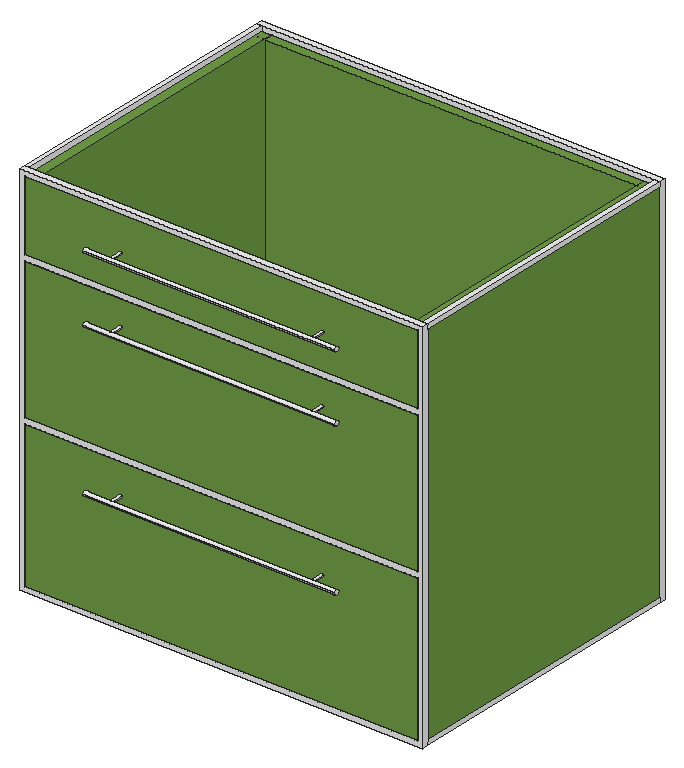
Revit family
Parameters (values of type "1000mm")
  Cabinet Material = Cabinets - Handles
  Depth = 0.60 m
  Door/Drawer Material = PANEL
  Handle Material = Cabinets - Handles
  Height = 0.86 m
  Plinth Depth = 0.035 m
  Plinth Height = 0.10 m
  Width = 1.00 m
  Assembly Code = ""
Types (4, lengths in m): name | Cabinet Material | Depth | Door/Drawer Material | Height | Plinth Depth | Width
  600mm | none | 0.60 | none | 0.85 | 0.03 | 1.21
  1000mm | Cabinets - Handles | 0.60 | PANEL | 0.86 | 0.035 | 1.00
  cocina2 | none | 0.50 | none | 0.85 | 0.03 | 0.60
  cocina1 | none | 0.50 | none | 0.85 | 0.03 | 1.00
Reference planes (m)
  plane 1: z = 0
  plane 2 "Left": x = -0.481262
  plane 3 "Right": x = 0.318738
  plane 4 "Front": y = -0.6
  plane 5 "Top": z = 0.85
  plane 6: y = -0.565
  plane 7: z = 0.1
  plane 8: z = 0.11905
  plane 9: x = -0.081262
Forms (m)
  Extrusion 1, solid, material "Cabinets - Handles"
    sketch origin (0, 0, 0.1) x (1, 0, 0) y (0, 1, 0)
      loop
        line (-0.471262, -0.0404) -> (-0.471262, -0.615) -> (0.308738, -0.615) -> (0.308738, -0.0404) -> (-0.471262, -0.0404)
    from 0 to 0.01
  Extrusion 2, solid, material "Cabinets - Handles" <- "Handle Material"
    sketch origin (-0.01905, -0.615, 0.215) x (1, 0, 0) y (0, 0, 1)
      loop
        line (-0.452212, 0.485) -> (0.327788, 0.485) -> (0.327788, 0.625) -> (-0.452212, 0.625) -> (-0.452212, 0.485)
      loop
        line (-0.462212, -0.115) -> (0.337788, -0.115) -> (0.337788, 0.635) -> (-0.462212, 0.635) -> (-0.462212, -0.115)
      loop
        line (-0.452212, -0.105) -> (0.327788, -0.105) -> (0.327788, 0.185) -> (-0.452212, 0.185) -> (-0.452212, -0.105)
      loop
        line (0.327788, 0.475) -> (-0.452212, 0.475) -> (-0.452212, 0.195) -> (0.327788, 0.195) -> (0.327788, 0.475)
    from 0 to 0.0127
  Extrusion 3, solid, material "PANEL" <- "Door/Drawer Material"
    sketch origin (-0.01905, -0.615, 0.315) x (1, 0, 0) y (0, 0, 1)
      loop
        line (-0.452212, 0.375) -> (-0.452212, 0.095) -> (0.327788, 0.095) -> (0.327788, 0.375) -> (-0.452212, 0.375)
    from 0 to 0.0127
  Extrusion 4, solid, material "PANEL" <- "Door/Drawer Material"
    sketch origin (-0.01905, -0.615, 0) x (1, 0, 0) y (0, 0, 1)
      loop
        line (-0.452212, 0.4) -> (-0.452212, 0.11) -> (0.327788, 0.11) -> (0.327788, 0.4) -> (-0.452212, 0.4)
    from 0 to 0.0127
  Sweep 5, solid, material "Cabinets - Handles" <- "Handle Material"
    path origin (0, 0, 0) x (1, 0, 0) y (0, 1, 0)
      loop
        line (-0.33006, -0.655502) -> (0.16994, -0.655502)
    profile origin (-0.08006, -0.655502, 0) x (0, 1, 0) y (0, 0, 1)
      loop
        circle (0, 0.3375) r 0.004
  Sweep 6, solid, material "Cabinets - Handles"
    path origin (-0.735562, -0.620441, 0) x (0, 1, 0) y (-1, 0, 0)
      loop
        line (-0.032259, -0.454299) -> (-0.007259, -0.454299)
    profile origin (-0.281262, -0.6402, 0) x (-1, 0, 0) y (0, 0, 1)
      loop
        circle (0, 0.3375) r 0.0025
  Sweep 7, solid, material "Cabinets - Handles"
    path origin (0.573037, -0.620441, 0) x (0, 1, 0) y (1, 0, 0)
      loop
        line (-0.032259, -0.454299) -> (-0.007259, -0.454299)
    profile origin (0.118738, -0.6402, 0) x (-1, 0, 0) y (0, 0, 1)
      loop
        circle (0, 0.3375) r 0.0025
  Sweep 8, solid, material "Cabinets - Handles" <- "Handle Material"
    path origin (0, 0, 0.3) x (1, 0, 0) y (0, 1, 0)
      loop
        line (-0.33006, -0.655502) -> (0.16994, -0.655502)
    profile origin (-0.08006, -0.655502, 0.3) x (0, 1, 0) y (0, 0, 1)
      loop
        circle (0, 0.3375) r 0.004
  Sweep 9, solid, material "Cabinets - Handles"
    path origin (-0.735562, -0.620441, 0.3) x (0, 1, 0) y (-1, 0, 0)
      loop
        line (-0.032259, -0.454299) -> (-0.007259, -0.454299)
    profile origin (-0.281262, -0.6402, 0.3) x (-1, 0, 0) y (0, 0, 1)
      loop
        circle (0, 0.3375) r 0.0025
  Sweep 10, solid, material "Cabinets - Handles"
    path origin (0.573037, -0.620441, 0.3) x (0, 1, 0) y (1, 0, 0)
      loop
        line (-0.032259, -0.454299) -> (-0.007259, -0.454299)
    profile origin (0.118738, -0.6402, 0.3) x (-1, 0, 0) y (0, 0, 1)
      loop
        circle (0, 0.3375) r 0.0025
  Extrusion 11, solid, material "PANEL" <- "Door/Drawer Material"
    sketch origin (-0.01905, -0.615, 0.605) x (1, 0, 0) y (0, 0, 1)
      loop
        line (-0.452212, 0.235) -> (-0.452212, 0.095) -> (0.327788, 0.095) -> (0.327788, 0.235) -> (-0.452212, 0.235)
    from 0 to 0.0127
  Sweep 12, solid, material "Cabinets - Handles" <- "Handle Material"
    path origin (0, 0, 0.4325) x (1, 0, 0) y (0, 1, 0)
      loop
        line (-0.33006, -0.655502) -> (0.16994, -0.655502)
    profile origin (-0.08006, -0.655502, 0.4325) x (0, 1, 0) y (0, 0, 1)
      loop
        circle (0, 0.3375) r 0.004
  Sweep 13, solid, material "Cabinets - Handles"
    path origin (-0.735562, -0.620441, 0.4325) x (0, 1, 0) y (-1, 0, 0)
      loop
        line (-0.032259, -0.454299) -> (-0.007259, -0.454299)
    profile origin (-0.281262, -0.6402, 0.4325) x (-1, 0, 0) y (0, 0, 1)
      loop
        circle (0, 0.3375) r 0.0025
  Sweep 14, solid, material "Cabinets - Handles"
    path origin (0.573037, -0.620441, 0.4325) x (0, 1, 0) y (1, 0, 0)
      loop
        line (-0.032259, -0.454299) -> (-0.007259, -0.454299)
    profile origin (0.118738, -0.6402, 0.4325) x (-1, 0, 0) y (0, 0, 1)
      loop
        circle (0, 0.3375) r 0.0025
  Extrusion 15, solid, material "Cabinets - Handles" <- "Handle Material"
    sketch origin (-0.01905, -0.335, 0.215) x (1, 0, 0) y (0, 0, 1)
      loop
        line (0.327788, 0.635) -> (0.327788, 0.625) -> (0.337788, 0.625) -> (0.337788, 0.635) -> (0.327788, 0.635)
      loop
        line (0.327788, -0.105) -> (0.327788, -0.115) -> (0.337788, -0.115) -> (0.337788, -0.105) -> (0.327788, -0.105)
    from -0.2946 to 0.28
  Extrusion 16, solid, material "Cabinets - Handles" <- "Handle Material"
    sketch origin (-0.01905, -0.0277, 0.215) x (1, 0, 0) y (0, 0, 1)
      loop
        line (-0.462212, -0.115) -> (0.337788, -0.115) -> (0.337788, 0.635) -> (-0.462212, 0.635) -> (-0.462212, -0.115)
      loop
        line (-0.452212, -0.105) -> (0.327788, -0.105) -> (0.327788, 0.625) -> (-0.452212, 0.625) -> (-0.452212, -0.105)
    from 0 to 0.0127
  Extrusion 17, solid, material "Cabinets - Handles" <- "Handle Material"
    sketch origin (-0.80905, -0.335, 0.215) x (1, 0, 0) y (0, 0, 1)
      loop
        line (0.327788, 0.635) -> (0.327788, 0.625) -> (0.337788, 0.625) -> (0.337788, 0.635) -> (0.327788, 0.635)
      loop
        line (0.327788, -0.105) -> (0.327788, -0.115) -> (0.337788, -0.115) -> (0.337788, -0.105) -> (0.327788, -0.105)
    from -0.2946 to 0.28
  Extrusion 18, solid, material "PANEL" <- "Door/Drawer Material"
    sketch origin (-0.01905, -0.105, 0) x (1, 0, 0) y (0, 0, 1)
      loop
        line (-0.452212, 0.84) -> (-0.452212, 0.11) -> (0.327788, 0.11) -> (0.327788, 0.84) -> (-0.452212, 0.84)
    from -0.0773 to -0.0473
  Extrusion 19, solid, material "PANEL" <- "Door/Drawer Material"
    sketch origin (0.241438, -0.267612, 0) x (0, -1, 0) y (0, 0, 1)
      loop
        line (-0.227212, 0.84) -> (-0.227212, 0.11) -> (0.347388, 0.11) -> (0.347388, 0.84) -> (-0.227212, 0.84)
    from -0.0773 to -0.0473
  Extrusion 20, solid, material "PANEL" <- "Door/Drawer Material"
    sketch origin (-0.403962, -0.267612, 0) x (0, -1, 0) y (0, 0, -1)
      loop
        line (-0.227212, -0.84) -> (0.347388, -0.84) -> (0.347388, -0.11) -> (-0.227212, -0.11) -> (-0.227212, -0.84)
    from -0.0773 to -0.0473
Lines and regions (m)
  Masking region 1
    outline origin (0, 0, 0) x (1, 0, 0) y (0, 1, 0)
      loop
        line (-0.481262, -0.0277) -> (-0.481262, -0.6) -> (0.318738, -0.6) -> (0.318738, -0.0277) -> (-0.481262, -0.0277)
  symbolic lines, style "Elevation Swing"
    curve 1: line (0.009213, 0, 0.7103) -> (-0.462212, 0, 0.419675)
    curve 2: line (-0.462212, 0, 0.419675) -> (0.009213, 0, 0.11905)
    curve 3: line (0.028263, 0, 0.11905) -> (0.299688, 0, 0.419675)
    curve 4: line (0.299688, 0, 0.419675) -> (0.028263, 0, 0.7103)
Dimensions and locks (m)
  level to plane 5 "Top" = 0.85 m
  "Plinth Height": plane 1 to plane 7
  "Plinth Depth": plane 4 "Front" to plane 6
  locked: plane 8 to plane 7 at 0.01905
  aligned and locked: plane 2 "Left" to Masking region 1 sketch curve
  aligned and locked: Masking region 1 sketch curve to plane 3 "Right"
  aligned and locked: Masking region 1 sketch curve to plane 4 "Front"
Automatic sketch dimensions
  curve 3 to plane 8 = 0.00 m
  curve 2 to plane 8 = 0.00 m
  curve 4 to plane 3 "Right" = 0.01905 m
  plane 9 to curve 3 = 0.109525 m
  plane 9 to curve 4 = 0.109525 m
  curve 3 to curve 2 = 0.01905 m
  curve 4 to curve 1 = 0.01905 m
  plane 2 "Left" to curve 2 = 0.01905 m
  curve 1 to plane 8 = 0.300625 m
  curve 3 to plane 8 = 0.300625 m
  plane 5 "Top" to curve 1 = 0.1397 m
  curve 4 to curve 1 = 0.00 m
  Masking region 1 sketch curve to plane 6 = 0.5373 m
  plane 2 "Left" to Extrusion 1 sketch curve = 0.01 m
  Extrusion 1 sketch curve to plane 3 "Right" = 0.01 m
  plane 4 "Front" to Extrusion 1 sketch curve = 0.015 m
  Extrusion 1 sketch curve to plane 6 = 0.5246 m
  Extrusion 2 sketch curve to plane 2 "Left" = 0.00 m
  Extrusion 2 sketch curve to plane 3 "Right" = 0.00 m
  Extrusion 2 sketch curve to plane 7 = 0.00 m
  Extrusion 2 sketch curve to plane 5 "Top" = 0.00 m
  plane 2 "Left" to Extrusion 2 sketch curve = 0.01 m  (x3)
  Extrusion 2 sketch curve to plane 3 "Right" = 0.01 m
  Extrusion 2 sketch curve to Extrusion 2 sketch curve = 0.00 m  (x2)
  plane 8 to Extrusion 2 sketch curve = 0.00905 m
  Extrusion 2 sketch curve to plane 8 = 0.28095 m
  Extrusion 2 sketch curve to Extrusion 2 sketch curve = 0.01 m  (x2)
  plane 5 "Top" to Extrusion 2 sketch curve = 0.16 m
  plane 5 "Top" to Extrusion 2 sketch curve = 0.01 m
  plane 2 "Left" to Extrusion 3 sketch curve = 0.01 m
  Extrusion 3 sketch curve to plane 3 "Right" = 0.01 m
  Extrusion 3 sketch curve to plane 8 = 0.29095 m
  plane 5 "Top" to Extrusion 3 sketch curve = 0.16 m
  plane 2 "Left" to Extrusion 4 sketch curve = 0.01 m
  Extrusion 4 sketch curve to plane 3 "Right" = 0.01 m
  plane 8 to Extrusion 4 sketch curve = 0.00905 m
  Extrusion 4 sketch curve to plane 8 = 0.28095 m
  plane 4 "Front" to Sweep 5 sketch curve = 0.055502 m
  plane 2 "Left" to Sweep 5 sketch curve = 0.151202 m
  Sweep 5 sketch curve to plane 3 "Right" = 0.148798 m
  Sweep 5 sketch curve to profile plane = 0.00 m
  level to Sweep 5 sketch curve = 0.3375 m
  plane 4 "Front" to Sweep 6 sketch curve = 0.0527 m
  Sweep 6 sketch curve to Sweep 6 sketch curve = 0.025 m
  plane 2 "Left" to Sweep 6 sketch curve = 0.20 m
  Sweep 6 sketch curve to profile plane = 0.00 m
  level to Sweep 6 sketch curve = 0.3375 m
  Sweep 7 sketch curve to plane 4 "Front" = 0.0527 m
  Sweep 7 sketch curve to Sweep 7 sketch curve = 0.025 m
  plane 3 "Right" to Sweep 7 sketch curve = 0.20 m
  Sweep 7 sketch curve to profile plane = 0.00 m
  level to Sweep 7 sketch curve = 0.3375 m
  plane 4 "Front" to Sweep 8 sketch curve = 0.055502 m
  plane 2 "Left" to Sweep 8 sketch curve = 0.151202 m
  Sweep 8 sketch curve to plane 3 "Right" = 0.148798 m
  Sweep 8 sketch curve to profile plane = 0.00 m
  profile plane to Sweep 8 sketch curve = 0.3375 m
  plane 4 "Front" to Sweep 9 sketch curve = 0.0527 m
  Sweep 9 sketch curve to Sweep 9 sketch curve = 0.025 m
  plane 2 "Left" to Sweep 9 sketch curve = 0.20 m
  Sweep 9 sketch curve to profile plane = 0.00 m
  profile plane to Sweep 9 sketch curve = 0.3375 m
  Sweep 10 sketch curve to plane 4 "Front" = 0.0527 m
  Sweep 10 sketch curve to Sweep 10 sketch curve = 0.025 m
  plane 3 "Right" to Sweep 10 sketch curve = 0.20 m
  Sweep 10 sketch curve to profile plane = 0.00 m
  profile plane to Sweep 10 sketch curve = 0.3375 m
  plane 2 "Left" to Extrusion 11 sketch curve = 0.01 m
  Extrusion 11 sketch curve to plane 3 "Right" = 0.01 m
  plane 5 "Top" to Extrusion 11 sketch curve = 0.15 m
  plane 5 "Top" to Extrusion 11 sketch curve = 0.01 m
  plane 4 "Front" to Sweep 12 sketch curve = 0.055502 m
  plane 2 "Left" to Sweep 12 sketch curve = 0.151202 m
  Sweep 12 sketch curve to plane 3 "Right" = 0.148798 m
  Sweep 12 sketch curve to profile plane = 0.00 m
  profile plane to Sweep 12 sketch curve = 0.3375 m
  plane 4 "Front" to Sweep 13 sketch curve = 0.0527 m
  Sweep 13 sketch curve to Sweep 13 sketch curve = 0.025 m
  plane 2 "Left" to Sweep 13 sketch curve = 0.20 m
  Sweep 13 sketch curve to profile plane = 0.00 m
  profile plane to Sweep 13 sketch curve = 0.3375 m
  Sweep 14 sketch curve to plane 4 "Front" = 0.0527 m
  Sweep 14 sketch curve to Sweep 14 sketch curve = 0.025 m
  plane 3 "Right" to Sweep 14 sketch curve = 0.20 m
  Sweep 14 sketch curve to profile plane = 0.00 m
  profile plane to Sweep 14 sketch curve = 0.3375 m
  Extrusion 15 sketch curve to plane 5 "Top" = 0.00 m
  Extrusion 15 sketch curve to plane 7 = 0.00 m
  Extrusion 15 sketch curve to plane 3 "Right" = 0.00 m  (x2)
  Extrusion 15 sketch curve to Extrusion 15 sketch curve = 0.01 m  (x2)
  plane 8 to Extrusion 15 sketch curve = 0.00905 m
  plane 5 "Top" to Extrusion 15 sketch curve = 0.01 m
  Extrusion 16 sketch curve to plane 2 "Left" = 0.00 m
  Extrusion 16 sketch curve to plane 3 "Right" = 0.00 m
  Extrusion 16 sketch curve to plane 7 = 0.00 m
  Extrusion 16 sketch curve to plane 5 "Top" = 0.00 m
  plane 2 "Left" to Extrusion 16 sketch curve = 0.01 m
  Extrusion 16 sketch curve to plane 3 "Right" = 0.01 m
  plane 8 to Extrusion 16 sketch curve = 0.00905 m
  plane 5 "Top" to Extrusion 16 sketch curve = 0.01 m
  Extrusion 17 sketch curve to plane 2 "Left" = 0.00 m  (x2)
  Extrusion 17 sketch curve to plane 7 = 0.00 m
  Extrusion 17 sketch curve to plane 5 "Top" = 0.00 m
  plane 2 "Left" to Extrusion 17 sketch curve = 0.01 m  (x2)
  plane 8 to Extrusion 17 sketch curve = 0.00905 m
  plane 5 "Top" to Extrusion 17 sketch curve = 0.01 m
  plane 2 "Left" to Extrusion 18 sketch curve = 0.01 m
  Extrusion 18 sketch curve to plane 3 "Right" = 0.01 m
  plane 8 to Extrusion 18 sketch curve = 0.00905 m
  plane 5 "Top" to Extrusion 18 sketch curve = 0.01 m
  plane 8 to Extrusion 19 sketch curve = 0.00905 m
  Extrusion 19 sketch curve to plane 6 = 0.5246 m
  plane 4 "Front" to Extrusion 19 sketch curve = 0.015 m
  plane 5 "Top" to Extrusion 19 sketch curve = 0.01 m
  plane 8 to Extrusion 20 sketch curve = 0.00905 m
  Extrusion 20 sketch curve to plane 6 = 0.5246 m
  plane 4 "Front" to Extrusion 20 sketch curve = 0.015 m
  plane 5 "Top" to Extrusion 20 sketch curve = 0.01 m
  radius of Sweep 5 sketch curve = 0.004 m
  radius of Sweep 6 sketch curve = 0.0025 m
  radius of Sweep 7 sketch curve = 0.0025 m
  radius of Sweep 8 sketch curve = 0.004 m
  radius of Sweep 9 sketch curve = 0.0025 m
  radius of Sweep 10 sketch curve = 0.0025 m
  radius of Sweep 12 sketch curve = 0.004 m
  radius of Sweep 13 sketch curve = 0.0025 m
  radius of Sweep 14 sketch curve = 0.0025 m
